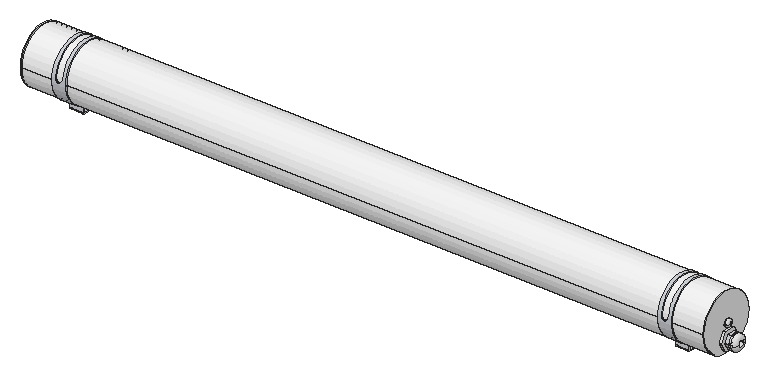
Revit family "0047584 Feilo Sylvania Lighting Fixture SYLPROOF TUBULAR LED 2X1200 EB NW", category Lighting Fixtures, host Face, Revit 2017
Family settings
  Host = Face
  Round Connector Dimension = Use Diameter
  Part Type = Normal
  OmniClass Number = 23.80.70.00
  OmniClass Title = Lighting
  Cut with Voids When Loaded = No
  Light Source = Yes
  Shared = No
  Room Calculation Point = No
Parameters (values of type "0047584 SYLPROOF TUBULAR LED 2X1200 EB NW")
  Weight = "2.6 kg"
  Wattage Comments = "n/a"
  Wattage = 39 W
  WarrantyStartDate [instance] = "n/a"
  WarrantyGuarantorParts = "n/a"
  WarrantyDurationUnit = "n/a"
  WarrantyDurationParts = "n/a"
  WarrantyDescription = "n/a"
  built-in parameter 1150110 = 1 (stored number, unit not read)
  Voltage = 230 V
  URL = "http://www.sylvania-lighting.com"
  TypeName = "SYLPROOF TUBULAR LED 2X1200 EB NW"
  Type Image = <None>
  Type Comments = "n/a"
  TubeDiameterOutside_FEILO = 100 mm
  TubeDiameterInside_FEILO = 96 mm
  built-in parameter 1114217 = 1 (stored number, unit not read)
  Tilt Angle = -90.00°
  built-in parameter 1150109 = 1 (stored number, unit not read)
  built-in parameter 1150134 = 12
  built-in parameter 1150113 = 1 (stored number, unit not read)
  SerialNumber [instance] = "n/a"
  ReflectorMaterial = Reflector-Sylvania-SylproofTubular-Illumination
  PowerFactor = 0
  PowerConsumption = "39 W"
  Photometric Web File = "0047584.ies"
  NominalLength = 1300 mm
  NominalHeight = 112 mm
  NominalDepth = 112 mm
  Name = "SYLPROOF TUBULAR LED 2X1200 EB NW"
  MountingHeight_FEILO = 64 mm
  ModelReference = Name  # "SYLPROOF TUBULAR LED 2X1200 EB NW"
  ModelNumber = "0047584"
  Model = Name  # "SYLPROOF TUBULAR LED 2X1200 EB NW"
  Material = "acrylic/pmma tube housing, acrylic/pmma diffuser"
  ManufacturerName = "Feilo Sylvania"
  Manufacturer = "Feilo Sylvania"
  LuminousEfficacy = "109.33 lm/W"
  built-in parameter 1150105 = 339.31 (stored number, unit not read)
  Lumens = 4263.87 lm
  LuminaireType = ""
  built-in parameter 1150115 = 1 (stored number, unit not read)
  LightOutputRatio = "100"
  TubeLength_FEILO = 1242 mm
  built-in parameter 1150137 = (empty or 0)
  built-in parameter 1150139 = (empty or 0)
  LampsType = Lamp  # "LED"
  LampNominalLuminous = "4264 lm"
  LampMacAdamStep = "n/a"
  LampColourTemperature = "4000 K"
  LampColourRenderingIndex = "0"
  built-in parameter 1150112 = 1 (stored number, unit not read)
  built-in parameter 1150114 = 1 (stored number, unit not read)
  Lamp = "LED"
  Keynote = "16500"
  InstallationDate [instance] = "n/a"
  InputVoltage = "220-240V~"
  InputNominalFrequency = "50/60 Hz"
  built-in parameter 1150132 = (empty or 0)
  built-in parameter 1150102 = (empty or 0)
  built-in parameter 1150107 = 4000 (stored number, unit not read)
  built-in parameter 1150138 = (empty or 0)
  IngressProtection = "IP66"
  ImpactProtectionIndex = "IK06"
  built-in parameter 1150106 = 3.3931 (stored number, unit not read)
  IfcExportType = "IfcLightFixtureType"
  IfcExportAs = "IfcLightFixtureType"
  Height_FEILO = 115 mm
  ExpectedLife = 50000
  Emit from Rectangle Width = TubeLength_FEILO - 20 mm  # 1222 mm
  Emit from Rectangle Length = 90 mm  # constant formula
  Emit Shape Visible in Rendering = no
  ElectricShockClassification = "Class I"
  built-in parameter 1150104 = 10.157 (stored number, unit not read)
  DurationUnit = "hours"
  DocumentationLiterature = "http://www.sylvania-lighting.com/product/en-int/products/0047584"
  DimmingControlOptions = "Non dimmable"
  Dimming Lamp Color Temperature Shift = <None>
  DiffuserMaterial = Diffuser-Sylvania-SylproofTubular-Opal
  Description = "Aesthetically attractive and highly efficient LED tubular luminaire, opaque acrylic diffuser, stainless steel end caps and mounting brackets, rapid connector, as Sylvania Sylproof Tubular LED"
  Default Elevation = 1219.2 mm
  CreatedOn = "21/11/2017"
  CreatedBy = ""
  Cost = 0
  Color Filter = 16777215
  built-in parameter 1114216 [instance] = (empty or 0)
  ClassificationValue = "EF_70_80"
  ClassificationName = "Uniclass2015"
  BracketWidth_FEILO = 25 mm
  BracketDistance_FEILO = TubeLength_FEILO - 142 mm  # 1100 mm
  BodyMaterial = Body-Sylvania-SylproofTubular-Aluminium
  BarCode [instance] = "n/a"
  built-in parameter 1114218 = 1 (stored number, unit not read)
  built-in parameter 1150133 = 10 (stored number, unit not read)
  AssetType = "Fixed"
  AssetIdentifier [instance] = "n/a"
  Assembly Code = "D5020200"
  Apparent Load = 39 VA
  AccessoryMaterial = none
Reference planes
  plane 1 "Center (Front/Back)": y = 0
  plane 2: z = 0
  plane 3 "Center (Left/Right)": x = 0
  plane 4: x = 550
  plane 5: x = -550
  plane 6: x = 621
  plane 7: x = -621
  plane 8: x = 648
  plane 9: x = -619
  plane 10: x = 619
  plane 11: z = 64
  plane 12: z = 54
  plane 13: y = 14
  plane 14: y = -14
  plane 15: y = -42
  plane 16: y = 42
  plane 17: x = 607
  plane 18: x = -607
  plane 19: x = 624.8
  plane 20: x = -624.8
  plane 21: y = 6.4
  plane 22: y = -6.4
  plane 23: y = 2
  plane 24: x = 628.1
  plane 25: x = -628.1
  plane 26: z = 38
  plane 27: z = 54
  plane 28: z = 22
  plane 29: x = 637.1
  plane 30: x = 640.6
  plane 31: z = 115
Forms (mm)
  Extrusion 1, solid, material "Diffuser-Sylvania-SylproofTubular-Opal" <- "DiffuserMaterial"
    sketch origin (0, 0, 0) x (0, 1, 0) y (0, 0, 1)
      loop
        circle (0, 64) r 50
      loop
        circle (0, 64) r 48
    from -619 to 619
  Extrusion 2, solid, material "Reflector-Sylvania-SylproofTubular-Illumination" <- "ReflectorMaterial", detail levels medium+fine
    sketch origin (0, 0, 0) x (0, 1, 0) y (0, 0, 1)
      loop
        line (14, 54) -> (42, 64) -> (41.664, 64.942) -> (13.827, 55) -> (-13.827, 55) -> (-41.664, 64.942) -> (-42, 64) -> (-14, 54) -> (14, 54)
    from -607 to 607
  Extrusion 3, solid, material "Body-Sylvania-SylproofTubular-Aluminium" <- "BodyMaterial"
    sketch origin (619, 1524, 1219.2) x (0, 1, 0) y (0, 0, 1)
      loop
        circle (-1524, -1155.2) r 50
    from 0 to 2
  Extrusion 4, solid, material "Body-Sylvania-SylproofTubular-Aluminium" <- "BodyMaterial"
    sketch origin (-619, 1524, 1219.2) x (0, 1, 0) y (0, 0, 1)
      loop
        circle (-1524, -1155.2) r 50
    from -2 to 0
  Revolve 5, solid, material "Body-Sylvania-SylproofTubular-Aluminium" <- "BodyMaterial", detail levels fine
    sketch origin (0, 1219.2, 64) x (1, 0, 0) y (0, 1, 0)
      loop
        line (-628.1, -1219.2) -> (-621, -1219.2) -> (-621, -1212.8) -> (-624.8, -1212.8)
        arc (-624.8, -1212.8) -> (-627.183, -1214.45) -> (-628.1, -1217.2) r 4.583
        line (-628.1, -1217.2) -> (-628.1, -1219.2)
      axis (-621, -1219.2) -> (-628.1, -1219.2)
    angle from 360 to 0
  Revolve 6, solid, material "Body-Sylvania-SylproofTubular-Aluminium" <- "BodyMaterial", detail levels fine
    sketch origin (0, 1219.2, 64) x (1, 0, 0) y (0, 1, 0)
      loop
        line (628.1, -1219.2) -> (628.1, -1217.2)
        arc (628.1, -1217.2) -> (627.183, -1214.45) -> (624.8, -1212.8) r 4.583
        line (624.8, -1212.8) -> (621, -1212.8) -> (621, -1219.2) -> (628.1, -1219.2)
      axis (628.1, -1219.2) -> (621, -1219.2)
    angle from 360 to 0
  Extrusion 7, solid, material "Body-Sylvania-SylproofTubular-Aluminium" <- "BodyMaterial", detail levels medium+fine
    sketch origin (621, 1524, 1219.2) x (0, 1, 0) y (0, 0, 1)
      loop
        line (-1533.174, -1165.2) -> (-1542.475, -1181.089) -> (-1533.302, -1197.2) -> (-1514.826, -1197.2) -> (-1505.525, -1181.311) -> (-1514.698, -1165.2) -> (-1533.174, -1165.2)
    from 0 to 7.1
  Extrusion 8, solid, detail levels medium+fine
    sketch origin (628.1, 1524, 1219.2) x (0, 1, 0) y (0, 0, 1)
      loop
        line (-1530.892, -1169.262) -> (-1537.785, -1181.2) -> (-1530.892, -1193.138) -> (-1517.108, -1193.138) -> (-1510.215, -1181.2) -> (-1517.108, -1169.262) -> (-1530.892, -1169.262)
    from 0 to 9
  Revolve 9, solid, material "Body-Sylvania-SylproofTubular-Aluminium" <- "BodyMaterial", detail levels medium+fine
    sketch origin (0, 1219.2, 38) x (1, 0, 0) y (0, 1, 0)
      loop
        line (637.1, -1205.415) -> (637.1, -1212.8) -> (648, -1212.8)
        arc (648, -1212.8) -> (645.837, -1207.578) -> (640.615, -1205.415) r 7.385
        line (640.615, -1205.415) -> (637.1, -1205.415)
      axis (648, -1219.2) -> (637.1, -1219.2)
    angle from 360 to 0
Dimensions and locks
  equal spacing: plane 5, plane 3 "Center (Left/Right)", plane 4
  "BracketDistance_FEILO": plane 5 to plane 4
  equal spacing: plane 7, plane 3 "Center (Left/Right)", plane 6  (x2)
  "TubeLength_FEILO": plane 7 to plane 6
  locked: plane 6 to plane 8 at 27
  equal spacing: plane 9, plane 3 "Center (Left/Right)", plane 10
  locked: plane 7 to plane 9 at 2
  "MountingHeight_FEILO": plane 11 to plane 2
  locked: plane 12 to plane 11 at 10
  equal spacing: plane 14, plane 1 "Center (Front/Back)", plane 13
  locked: plane 14 to plane 1 "Center (Front/Back)" at 14
  equal spacing: plane 15, plane 1 "Center (Front/Back)", plane 16
  locked: plane 15 to plane 1 "Center (Front/Back)" at 42
  locked: plane 12 to Extrusion 2 sketch curve at 1
  locked: Extrusion 2 sketch curve to Extrusion 2 sketch curve at 1  (x2)
  equal spacing: plane 18, plane 3 "Center (Left/Right)", plane 17
  locked: plane 9 to plane 18 at 12
  equal spacing: plane 20, plane 3 "Center (Left/Right)", plane 19
  locked: plane 20 to plane 7 at 3.8
  equal spacing: plane 22, plane 1 "Center (Front/Back)", plane 21
  locked: plane 22 to plane 21 at 12.8
  locked: plane 1 "Center (Front/Back)" to plane 23 at 2
  equal spacing: plane 25, plane 3 "Center (Left/Right)", plane 24
  locked: plane 25 to plane 7 at 7.1
  locked: plane 26 to plane 11 at 26
  equal spacing: plane 28, plane 26, plane 27
  locked: plane 26 to plane 27 at 16
  locked: Extrusion 7 sketch curve to Extrusion 7 sketch curve at 32.001  (x2)
  locked: plane 24 to plane 29 at 9
  locked: plane 26 to Extrusion 8 sketch curve at 11.938
  locked: Extrusion 8 sketch curve to plane 26 at 11.938
  locked: Extrusion 8 sketch curve to Extrusion 8 sketch curve at 23.876  (x2)
  locked: Extrusion 8 sketch curve to plane 1 "Center (Front/Back)" at 13.785
  locked: plane 1 "Center (Front/Back)" to Extrusion 8 sketch curve at 13.785
  locked: plane 29 to plane 30 at 3.5
  "Height_FEILO": plane 31 to plane 2
  "TubeDiameterOutside_FEILO": diameter of Extrusion 1 sketch curve
  "TubeDiameterInside_FEILO": diameter of Extrusion 1 sketch curve
  aligned and locked: plane 2 to host face
  aligned and locked: level to host face
  aligned and locked: plane 10 to Extrusion 1
  aligned and locked: Extrusion 1 to plane 9
  aligned and locked: plane 13 to Extrusion 2 sketch curve
  aligned and locked: Extrusion 2 sketch curve to plane 12
  aligned and locked: plane 11 to Extrusion 2 sketch curve
  aligned and locked: plane 15 to Extrusion 2 sketch curve
  aligned and locked: plane 17 to Extrusion 2
  aligned and locked: Extrusion 2 to plane 18
  aligned and locked: plane 11 to Extrusion 1 sketch curve  (x2)
  aligned and locked: plane 1 "Center (Front/Back)" to Extrusion 1 sketch curve  (x2)
  aligned and locked: Extrusion 3 sketch curve to Extrusion 1  (x2)
  aligned and locked: plane 6 to Extrusion 3
  aligned and locked: Extrusion 3 to plane 10
  aligned and locked: Extrusion 4 sketch curve to Extrusion 3  (x2)
  aligned and locked: Extrusion 4 to plane 7
  aligned and locked: plane 9 to Extrusion 4
  aligned and locked: Revolve 5 sketch curve to Extrusion 4
  aligned and locked: plane 1 "Center (Front/Back)" to Revolve 5 sketch curve
  aligned and locked: plane 20 to Revolve 5 sketch curve
  aligned and locked: Revolve 5 sketch curve to plane 21
  aligned and locked: Revolve 5 sketch curve to plane 1 "Center (Front/Back)"
  aligned and locked: plane 23 to Revolve 6 sketch curve
  aligned and locked: Revolve 6 sketch curve to Extrusion 3
  aligned and locked: plane 1 "Center (Front/Back)" to Revolve 6 sketch curve
  aligned and locked: Revolve 6 sketch curve to plane 21
  aligned and locked: Revolve 6 sketch curve to plane 1 "Center (Front/Back)"
  aligned and locked: plane 25 to Revolve 5 sketch curve
  aligned and locked: plane 24 to Revolve 6 sketch curve
  aligned and locked: Extrusion 7 sketch curve to plane 27
  aligned and locked: plane 28 to Extrusion 7 sketch curve
  aligned and locked: plane 24 to Extrusion 7
  aligned and locked: Extrusion 7 to plane 6
  aligned and locked: plane 29 to Extrusion 8
  aligned and locked: Extrusion 8 to plane 24
  aligned and locked: Revolve 9 sketch curve to plane 1 "Center (Front/Back)"
  aligned and locked: Extrusion 8 to Revolve 9 sketch curve
  aligned and locked: Revolve 9 sketch curve to Extrusion 8
  aligned and locked: plane 8 to Revolve 9 sketch curve
  aligned and locked: plane 21 to Revolve 9 sketch curve
  aligned and locked: imposter light to plane 31
  aligned and locked: imposter light to plane 3 "Center (Left/Right)"
  aligned and locked: imposter light to plane 1 "Center (Front/Back)"
  aligned and locked: plane 1 "Center (Front/Back)" to nested 2
  aligned and locked: plane 1 "Center (Front/Back)" to nested 1
  aligned and locked: plane 5 to nested 1
  aligned and locked: plane 4 to nested 2
Automatic sketch dimensions
  host sketch curve to host sketch curve = 2438.4 mm  (x2)
  Extrusion 2 sketch curve to plane 14 = 0 mm
  Extrusion 2 sketch curve to plane 16 = 0 mm
  plane 11 to Extrusion 2 sketch curve = 0 mm
  plane 23 to Revolve 5 sketch curve = 0 mm
  Revolve 5 sketch curve to plane 25 = 1195.9 mm
  plane 8 to Revolve 5 sketch curve = 1176 mm
  Revolve 6 sketch curve to plane 19 = 0 mm
  Revolve 6 sketch curve to plane 25 = 1195.9 mm
  plane 8 to Revolve 6 sketch curve = 1176 mm
  Extrusion 7 sketch curve to plane 26 = 0.111 mm
  plane 14 to Extrusion 7 sketch curve = 4.475 mm
  plane 22 to Extrusion 7 sketch curve = 2.902 mm
  plane 22 to Extrusion 7 sketch curve = 2.774 mm
  plane 26 to Extrusion 8 sketch curve = 0 mm  (x2)
  Revolve 9 sketch curve to plane 25 = 1195.9 mm
  plane 8 to Revolve 9 sketch curve = 1176 mm
Nested families
  nested 1: "SylproofTubularMountingRing" at (-550, 0, 0), type "SylproofTubularMountingRing"
  nested 2: "SylproofTubularMountingRing" at (550, 0, 0), type "SylproofTubularMountingRing"
Connectors
  electrical at (0, 0, 0), driven by "Apparent Load", driven by "PowerFactor", driven by "Voltage"
    settings: index 1, voltage 230 V, apparent load 39 VA, apparent load phase1 0 VA, apparent load phase2 0 VA, apparent load phase3 0 VA, power factor 0, load classification "Lighting", number of poles 1, system type 30, power factor state 1, is connector primary yes, connector utility no, sub classification motor no, connector description ""
Definition of nested family "SylproofTubularMountingRing"
  Parameters (values of type "SylproofTubularMountingRing")
    URL = "http://www.feilosylvania.com"
    Type Image = (empty or 0)
    Type Comments = "n/a"
    TubeRadius_FEILO = 50 mm
    TubeDiameter_FEILO = TubeRadius_FEILO * 2  # 100 mm
    Model = ""
    Manufacturer = "Feilo Sylvania"
    Length_FEILO = 1000 mm
    Keynote = ""
    Height_FEILO = 3 mm
    Description = ""
    Default Elevation = 1219.2 mm
    CutOutWidth_FEILO = BracketWidth_FEILO / 2  # 12.5 mm
    CutOutRadius_FEILO = CutOutWidth_FEILO / 2  # 6.25 mm
    Cost = 0
    ClassificationValue = ""
    ClassificationName = ""
    BracketWidth_FEILO = 25 mm
    BracketThickness_FEILO = 1 mm
    BracketOuterCircleRadis_FEILO = TubeRadius_FEILO + BracketThickness_FEILO  # 51 mm
    BodyMaterial = none
    Assembly Code = ""
  Reference planes
    plane 1 "Center (Front/Back)": y = 0
    plane 2: z = 0
    plane 3 "Center (Left/Right)": x = 0
    plane 4: x = 12.5
    plane 5: x = -12.5
    plane 6: y = 50
    plane 7: y = -50
    plane 8: z = 115
    plane 9: z = 114
    plane 10: y = -51
    plane 11: y = 51
    plane 12: z = 14
    plane 13: z = 64
    plane 14: y = 10
    plane 15: y = -10
    plane 16: y = 11
    plane 17: z = 1
    plane 18: y = -11
    plane 19: x = 6.25
    plane 20: x = -6.25
    plane 21: z = 70.25
    plane 22: y = 54
    plane 23: y = -54
    plane 24: z = 120
  Forms (mm)
    Extrusion 1, solid
      sketch origin (4.2, 0, 0) x (1, 0, 0) y (0, 1, 0)
        loop
          line (-1219.2, 1219.2) -> (-1219.2, -1219.2) -> (1219.2, -1219.2) -> (1219.2, 1219.2) -> (-1219.2, 1219.2)
      from 0 to -68.017
    Extrusion 2, solid
      sketch origin (0, 0, 0) x (0, 1, 0) y (0, 0, 1)
        loop
          arc (9, 1) -> (9.707, 1.293) -> (10, 2) r 1
          line (10, 2) -> (10, 13.435)
          arc (10, 13.435) -> (10.423, 14.651) -> (11.509, 15.343) r 1.96
          arc (11.509, 15.343) -> (0.015, 114) -> (-11.538, 15.35) r 50
          arc (-11.538, 15.35) -> (-10.431, 14.644) -> (-10, 13.404) r 2
          line (-10, 13.404) -> (-10, 2)
          arc (-10, 2) -> (-9.707, 1.293) -> (-9, 1) r 1
          line (-9, 1) -> (9, 1)
        loop
          arc (9, 0) -> (10.414, 0.586) -> (11, 2) r 2
          line (11, 2) -> (11, 13.404)
          arc (11, 13.404) -> (11.216, 14.024) -> (11.769, 14.377) r 1
          arc (11.769, 14.377) -> (0, 115) -> (-11.769, 14.377) r 51
          arc (-11.769, 14.377) -> (-11.216, 14.024) -> (-11, 13.404) r 1
          line (-11, 13.404) -> (-11, 2)
          arc (-11, 2) -> (-10.414, 0.586) -> (-9, 0) r 2
          line (-9, 0) -> (9, 0)
      from -12.5 to 12.5
    Extrusion 3, void
      sketch origin (0, 0, 0) x (1, 0, 0) y (0, 0, 1)
        loop
          line (-6.25, 120) -> (-6.25, 70.25)
          arc (-6.25, 70.25) -> (0, 64) -> (6.25, 70.25) r 6.25
          line (6.25, 70.25) -> (6.25, 120) -> (-6.25, 120)
      from -54 to 54
  Cuts and joins
    Extrusion 3 cuts Extrusion 2
  Lines and regions (mm)
    reference lines
      curve 1: circle (0, 0, 64) r 50 normal (1, 0, 0)
      curve 2: circle (0, 0, 64) r 51 normal (-1, 0, 0)
  Dimensions and locks
    equal spacing: plane 5, plane 3 "Center (Left/Right)", plane 4
    "BracketWidth_FEILO": plane 5 to plane 4
    equal spacing: plane 7, plane 1 "Center (Front/Back)", plane 6
    "TubeRadius_FEILO": plane 7 to plane 1 "Center (Front/Back)"
    locked: plane 8 to plane 2 at 115
    "BracketThickness_FEILO": plane 9 to plane 8
    equal spacing: plane 10, plane 1 "Center (Front/Back)", plane 11
    "BracketThickness_FEILO": plane 10 to plane 7
    "TubeDiameter_FEILO": plane 12 to plane 9
    "TubeRadius_FEILO": plane 12 to plane 13
    equal spacing: plane 15, plane 1 "Center (Front/Back)", plane 14
    locked: plane 15 to plane 1 "Center (Front/Back)" at 10
    "BracketThickness_FEILO": plane 17 to plane 2
    "BracketThickness_FEILO": plane 18 to plane 15
    equal spacing: plane 18, plane 1 "Center (Front/Back)", plane 16
    equal spacing: plane 19, plane 3 "Center (Left/Right)", plane 20
    "CutOutWidth_FEILO": plane 19 to plane 20
    "CutOutRadius_FEILO": plane 21 to plane 13
    plane 23 to plane 1 "Center (Front/Back)" to plane 22 = 54 mm locked, 54 mm locked
    locked: plane 24 to level at 120
    "TubeRadius_FEILO": radius of curve 1
    "BracketOuterCircleRadis_FEILO": radius of curve 2
    "BracketOuterCircleRadis_FEILO": radius of Extrusion 2 sketch curve
    "TubeRadius_FEILO": radius of Extrusion 2 sketch curve
    aligned and locked: plane 2 to Extrusion 1
    aligned and locked: level to Extrusion 1
    aligned and locked: plane 1 "Center (Front/Back)" to curve 1
    aligned and locked: plane 13 to curve 1
    aligned and locked: plane 1 "Center (Front/Back)" to curve 2
    aligned and locked: plane 13 to curve 2
    aligned and locked: Extrusion 2 sketch curve to plane 17
    aligned and locked: Extrusion 2 sketch curve to plane 15
    aligned and locked: Extrusion 2 sketch curve to plane 18
    aligned and locked: Extrusion 2 sketch curve to plane 14
    aligned and locked: Extrusion 2 sketch curve to plane 16
    aligned and locked: plane 4 to Extrusion 2
    aligned and locked: Extrusion 2 to plane 5
    aligned and locked: plane 20 to Extrusion 3 sketch curve
    aligned and locked: Extrusion 3 sketch curve to plane 19
    aligned and locked: plane 3 "Center (Left/Right)" to Extrusion 3 sketch curve
    aligned and locked: plane 21 to Extrusion 3 sketch curve  (x3)
    aligned and locked: plane 23 to Extrusion 3
    aligned and locked: Extrusion 3 to plane 22
    aligned and locked: plane 24 to Extrusion 3 sketch curve
  Automatic sketch dimensions
    Extrusion 1 sketch curve to Extrusion 1 sketch curve = 2438.4 mm  (x2)
    Extrusion 2 sketch curve to Extrusion 2 sketch curve = 0 mm  (x8)
    Extrusion 2 sketch curve to plane 1 "Center (Front/Back)" = 0 mm
    plane 13 to Extrusion 2 sketch curve = 0 mm
    Extrusion 2 sketch curve to plane 15 = 1 mm
    plane 14 to Extrusion 2 sketch curve = 1 mm
    Extrusion 2 sketch curve to Extrusion 2 sketch curve = 1 mm
    Extrusion 2 sketch curve to Extrusion 2 sketch curve = 0.04 mm
    plane 12 to Extrusion 2 sketch curve = 0.596 mm
    plane 12 to Extrusion 2 sketch curve = 0.565 mm
    Extrusion 2 sketch curve to Extrusion 2 sketch curve = 0.031 mm
  Connectors
    electrical at (0, 0, 0)
      settings: index 1, voltage 24 V, apparent load 72 VA, apparent load phase1 0 VA, apparent load phase2 0 VA, apparent load phase3 0 VA, power factor 0, load classification none, number of poles 1, system type 30, power factor state 1, is connector primary yes, connector utility no, sub classification motor no, connector description ""
